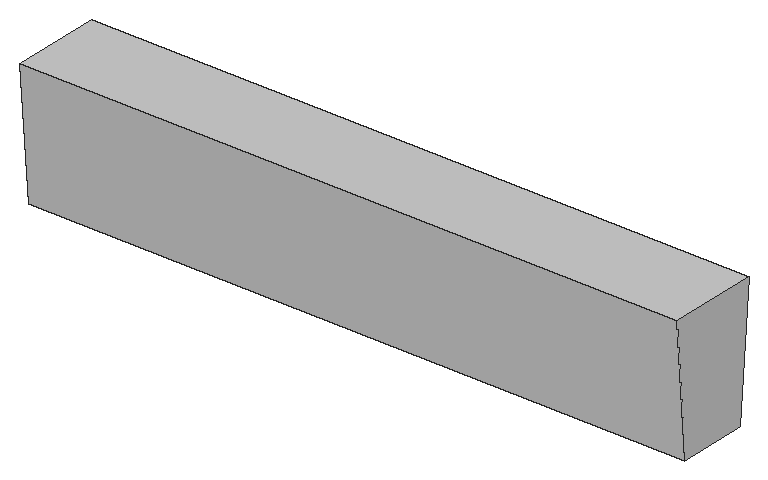
Revit family "fd35127ef20d4bf0b0a82224cc5ee570", category Structural Framing, Revit 2021
Family settings
  Display in Hidden Views = Edges Hidden by Beam Itself
  Structural Framing Length Roundoff = 0' - 0"
  Section Shape = Not Defined
  Material for Model Behavior = Concrete
  Always export as geometry = No
  OmniClass Number = 23.25.30.11.14.14
  OmniClass Title = Beams
  Seek Item ID = Pan Joist-0000-USA-ENU
  Always vertical = Yes
  Cut with Voids When Loaded = No
  Symbolic Representation = From Family
  Shared = No
  Show family pre-cut in plan views = Yes
Parameters (values of type "5 x 14")
  Taper Right Dim = if(Taper Right, 1, 0) * (h - Slab Thickness) / 12  # 0' - 0.79167"
  Taper Right = yes
  Taper Left Dim = if(Taper Left, 1, 0) * (h - Slab Thickness) / 12  # 0' - 0.79167"
  Taper Left = yes
  Structural Material [instance] = Concrete, Cast-in-Place gray
  Slab Thickness = 0' - 4 1/2"
  Assembly Code = "B10"
  Length [instance] = 5' - 0"
  b = 0' - 5"
  h = 1' - 2"
Types (13): name | Taper Right Dim | Taper Left Dim | b | h
  (no name) | 0' - 0.79167" | 0' - 0.79167" | 0' - 5" | 1' - 2"
  5 x 14 | 0' - 0.79167" | 0' - 0.79167" | 0' - 5" | 1' - 2"
  6 x 14 | 0' - 0.79167" | 0' - 0.79167" | 0' - 6" | 1' - 2"
  6 x 16 | 0' - 0.95833" | 0' - 0.95833" | 0' - 6" | 1' - 4"
  6 x 20 | 0' - 1.29167" | 0' - 1.29167" | 0' - 6" | 1' - 8"
  6 x 24 | 0' - 1 5/8" | 0' - 1 5/8" | 0' - 6" | 2' - 0"
  7 x 14 | 0' - 0.79167" | 0' - 0.79167" | 0' - 7" | 1' - 2"
  7 x 16 | 0' - 0.95833" | 0' - 0.95833" | 0' - 7" | 1' - 4"
  7 x 20 | 0' - 1.29167" | 0' - 1.29167" | 0' - 7" | 1' - 8"
  7 x 24 | 0' - 1 5/8" | 0' - 1 5/8" | 0' - 7" | 2' - 0"
  8 x 16 | 0' - 0.95833" | 0' - 0.95833" | 0' - 8" | 1' - 4"
  8 x 20 | 0' - 1.29167" | 0' - 1.29167" | 0' - 8" | 1' - 8"
  8 x 24 | 0' - 1 5/8" | 0' - 1 5/8" | 0' - 8" | 2' - 0"
Reference planes (in)
  plane 1 "Center (Front/Back)": y = 0
  plane 2: z = 0
  plane 3 "Center (Left/Right)": x = 0.1815
  plane 4 "Member Left": x = -23.8185
  plane 5 "Member Right": x = 24.1815
  plane 6: y = 2.5
  plane 7: y = -2.5
  plane 8 "Top Of Slab": z = 7
  plane 9 "Bottom": z = -7
  plane 10 "Left": x = -29.8185
  plane 11 "Right": x = 30.1815
  plane 12: y = -3.29167
  plane 13: y = 3.29167
  plane 14 "Top Of Joist": z = 2.5
Forms (in)
  Sweep 1, solid, material "Concrete, Cast-in-Place gray" <- "Structural Material"
    path origin (0, 0, 0) x (1, 0, 0) y (0, 1, 0)
      loop
        line (24.1815, 0) -> (-23.8185, 0)
    profile origin (0.1815, 0, 0) x (0, -1, 0) y (0, 0, 1)
      loop
        line (-3.29167, 2.5) -> (-2.5, -7) -> (2.5, -7) -> (3.29167, 2.5) -> (-3.29167, 2.5)
Dimensions and locks (in)
  "b": plane 6 to plane 7
  equal spacing: plane 9 "Bottom", plane 2, plane 8 "Top Of Slab"
  equal spacing: plane 6, plane 1 "Center (Front/Back)", plane 7
  "h": plane 9 "Bottom" to plane 8 "Top Of Slab"
  "Length": plane 10 "Left" to plane 11 "Right"
  "Taper Right Dim": plane 7 to plane 12
  "Taper Left Dim": plane 13 to plane 6
  "Slab Thickness": plane 8 "Top Of Slab" to plane 14 "Top Of Joist"
  locked: level to plane 2
  aligned and locked: Sweep 1 sketch curve to plane 1 "Center (Front/Back)"
  aligned and locked: plane 4 "Member Left" to Sweep 1 sketch curve
  aligned and locked: plane 5 "Member Right" to Sweep 1 sketch curve
  aligned and locked: Sweep 1 sketch curve to plane 14 "Top Of Joist"
  aligned and locked: Sweep 1 sketch curve to plane 9 "Bottom"
  aligned and locked: plane 12 to Sweep 1 sketch curve
  aligned and locked: plane 7 to Sweep 1 sketch curve
  aligned and locked: plane 6 to Sweep 1 sketch curve
  aligned and locked: plane 13 to Sweep 1 sketch curve
  aligned and locked: plane 14 "Top Of Joist" to Sweep 1
  aligned and locked: plane 9 "Bottom" to Sweep 1
